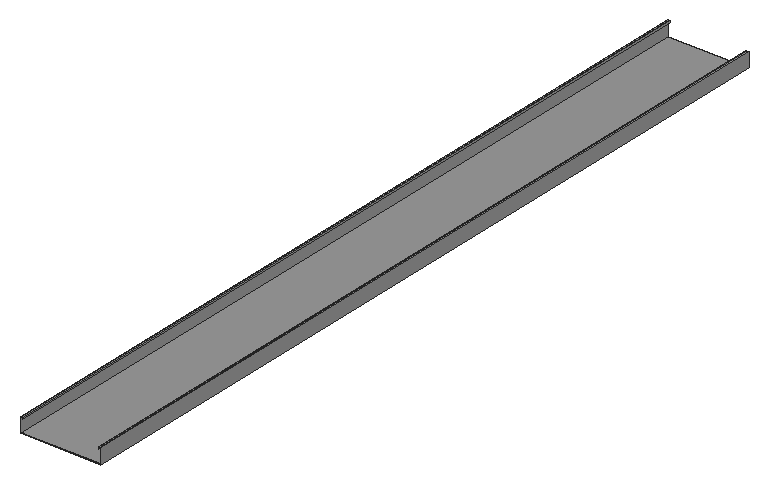
Revit family "Weitspannkabelrinne gelocht, Boden gesickt", category Generic Models, Revit 2015
Parameters (values of type "WKSG 160 FT")
  Width = 600 mm
  URL = "http://www.obo-bettermann.com"
  Material = Steel, Galvanized
  Manufacturer Art.No. = "6098157"
  Manufacturer = "OBO Bettermann"
  Lenght = 6000 mm
  GTIN = "4012196033973"
  Article Type = "WKSG 160 FT"
Types (11, lengths in mm): name | Width | Manufacturer Art.No. | GTIN | Article Type
  (no name) | 600 | "6098157" | "4012196033973" | "WKSG 160 FT"
  WKSG 120 FS | 200 | "6098111" | "4012196351435" | "WKSG 120 FS"
  WKSG 130 FS | 300 | "6098115" | "4012196351497" | "WKSG 130 FS"
  WKSG 140 FS | 400 | "6098119" | "4012196351558" | "WKSG 140 FS"
  WKSG 150 FS | 500 | "6098123" | "4012196351619" | "WKSG 150 FS"
  WKSG 160 FS | 600 | "6098127" | "4012196351671" | "WKSG 160 FS"
  WKSG 120 FT | 200 | "6098141" | "4012196351732" | "WKSG 120 FT"
  WKSG 130 FT | 300 | "6098145" | "4012196370030" | "WKSG 130 FT"
  WKSG 140 FT | 400 | "6098149" | "4012196034277" | "WKSG 140 FT"
  WKSG 150 FT | 500 | "6098153" | "4012196034031" | "WKSG 150 FT"
  WKSG 160 FT | 600 | "6098157" | "4012196033973" | "WKSG 160 FT"
Reference planes
  plane 1 "Center (Front/Back)": y = 0
  plane 2: z = 0
  plane 3 "Center (Left/Right)": x = 0
  plane 4: y = 6000
  plane 5: x = 300
  plane 6: x = -300
  plane 7: z = 110
  plane 8: z = 100
  plane 9: x = 280
  plane 10: x = -280
  plane 11: z = 2
  plane 12: x = -298
  plane 13: x = 298
  plane 14: x = -282
  plane 15: x = 282
  plane 16: z = 108
Forms (mm)
  Extrusion 1, solid, material "Steel, Galvanized" <- "Material"
    sketch origin (0, 0, 0) x (1, 0, 0) y (0, 0, 1)
      loop
        line (-282, 100) -> (-280, 100) -> (-280, 110) -> (-300, 110) -> (-300, 0) -> (300, 0) -> (300, 110) -> (280, 110) -> (280, 100) -> (282, 100) -> (282, 108) -> (298, 108) -> (298, 2) -> (-298, 2) -> (-298, 108) -> (-282, 108) -> (-282, 100)
    from -6000 to 0
Dimensions and locks
  "Lenght": plane 4 to plane 1 "Center (Front/Back)"
  equal spacing: plane 6, plane 3 "Center (Left/Right)", plane 5
  "Width": plane 6 to plane 5
  locked: level to plane 7 at 110
  locked: plane 9 to plane 5 at 20
  locked: plane 6 to plane 10 at 20
  locked: plane 8 to plane 7 at 10
  locked: plane 13 to plane 5 at 2
  locked: plane 6 to plane 12 at 2
  locked: level to plane 11 at 2
  locked: plane 9 to plane 15 at 2
  locked: plane 14 to plane 10 at 2
  locked: plane 16 to plane 7 at 2
  aligned and locked: level to plane 2
  aligned and locked: Extrusion 1 sketch curve to plane 14
  aligned and locked: plane 16 to Extrusion 1 sketch curve
  aligned and locked: plane 12 to Extrusion 1 sketch curve
  aligned and locked: Extrusion 1 sketch curve to plane 11
  aligned and locked: Extrusion 1 sketch curve to plane 13
  aligned and locked: Extrusion 1 sketch curve to plane 16
  aligned and locked: plane 15 to Extrusion 1 sketch curve
  aligned and locked: Extrusion 1 sketch curve to plane 8
  aligned and locked: Extrusion 1 sketch curve to plane 9
  aligned and locked: Extrusion 1 sketch curve to plane 7  (x2)
  aligned and locked: plane 5 to Extrusion 1 sketch curve
  aligned and locked: plane 2 to Extrusion 1 sketch curve
  aligned and locked: Extrusion 1 sketch curve to plane 6
  aligned and locked: plane 10 to Extrusion 1 sketch curve
  aligned and locked: plane 8 to Extrusion 1 sketch curve
  aligned and locked: plane 4 to Extrusion 1
  aligned and locked: plane 1 "Center (Front/Back)" to Extrusion 1
Automatic sketch dimensions
  plane 12 to Extrusion 1 sketch curve = 0 mm
